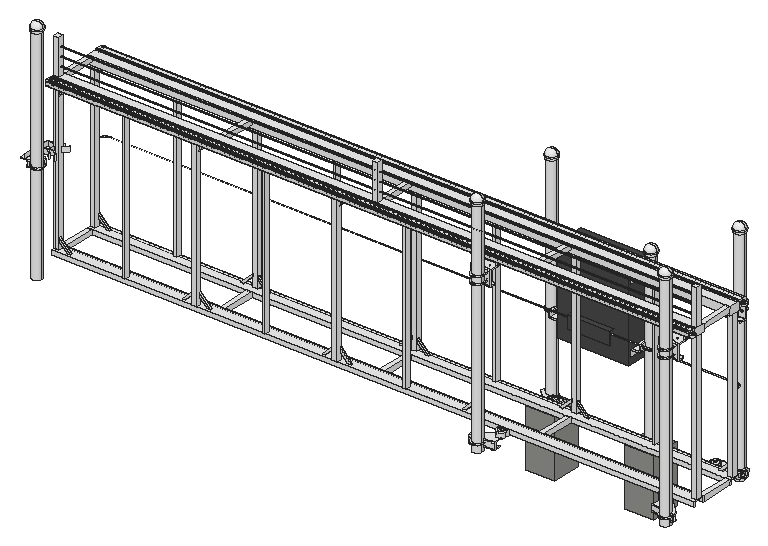
Revit family "Site-Fencing-Tymetal_Corp-Box_Frame_Cantilever_Slide_Gate-Chain_Link-TYM-VS2-1", category Site, Revit 2015 (continued)
Definition of nested family "Site-Fencing-Tymetal_Corp-Gate_Operator-TYM-VS2-1"
  Definition of nested family "Fence - Operator Support"
    Forms (in)
      Sweep 1, solid, material <- "Finish"
        path origin (0, 0, 0) x (1, 0, 0) y (0, 1, 0)
          loop
            line (0, -2.21875) -> (1.6093, -2.21875)
        profile origin (0.80465, 2.21875, 0) x (0, -1, 0) y (0, 0, 1)
          loop
            circle (0, 0) r 0.25
      Extrusion 2, solid, material <- "Finish"
        sketch origin (0, 0, 0) x (1, 0, 0) y (0, 0, 1)
          loop
            arc (1.6093, -1.125) -> (1.71913, -1.39017) -> (1.9843, -1.5) r 0.375
            line (1.9843, -1.5) -> (2.8593, -1.5) -> (2.8593, -1.75) -> (5.6093, -1.75) -> (5.6093, -4.5) -> (5.8593, -4.5) -> (5.8593, -1.5) -> (4.9843, -1.5) -> (4.9843, -1.125) -> (1.9843, -1.125) -> (1.9843, 1.125) -> (2.9843, 1.125) -> (2.9843, 1.5) -> (1.9843, 1.5)
            arc (1.9843, 1.5) -> (1.71913, 1.39017) -> (1.6093, 1.125) r 0.375
            line (1.6093, 1.125) -> (1.6093, -1.125)
        from -3.5 to 3.5
      Extrusion 3, void
        sketch origin (0, 0, 0) x (1, 0, 0) y (0, 1, 0)
          loop
            line (1.22925, 1.00602) -> (1.22925, -1.00602) -> (1.9843, -1.00602) -> (1.9843, 1.00602) -> (1.22925, 1.00602)
        from -6.31513 to 6.31513
    Cuts and joins
      Extrusion 3 cuts Extrusion 2
    Lines and regions (in)
      Masking region 1
        outline origin (0, 0, 0) x (1, 0, 0) y (0, 1, 0)
          loop
            line (5.8593, 3.5) -> (1.6093, 3.5) -> (1.6093, 2.46875) -> (0, 2.46875)
            arc (0, 2.46875) -> (-2.46875, 0) -> (0, -2.46875) r 2.46875
            line (0, -2.46875) -> (1.6093, -2.46875) -> (1.6093, -3.5) -> (5.8593, -3.5) -> (5.8593, 3.5)
          loop
            line (1.6093, -1.96875) -> (1.6093, -1.00602) -> (1.9843, -1.00602) -> (1.9843, 1.00602) -> (1.6093, 1.00602) -> (1.6093, 1.96875) -> (0, 1.96875)
            arc (0, 1.96875) -> (-1.96875, 0) -> (0, -1.96875) r 1.96875
            line (0, -1.96875) -> (1.6093, -1.96875)
    Dimensions and locks (in)
      equal spacing: Sweep 1 sketch curve, plane 1 "Center (Front/Back)", Sweep 1 sketch curve
      locked: Sweep 1 sketch curve to plane 3 "Center (Left/Right)" at 2.21875
      plane 3 "Center (Left/Right)" to Sweep 1 sketch curve to Sweep 1 sketch curve = 0' - 1.6093" locked, 0' - 0" locked
      Sweep 1 sketch curve to profile plane to Sweep 1 sketch curve = 0' - 0 1/4" locked, 0' - 0 1/4" locked
      locked: profile plane to Sweep 1 sketch curve at 0.25
      Extrusion 2 sketch curve to Extrusion 2 sketch curve to Extrusion 2 sketch curve to level to Extrusion 2 sketch curve to Extrusion 2 sketch curve to Extrusion 2 sketch curve to Extrusion 2 sketch curve to Extrusion 2 sketch curve to Extrusion 2 sketch curve = 0' - 0 3/8" locked, 0' - 0" locked, 0' - 1 1/8" locked, 0' - 1 1/8" locked, 0' - 0" locked, 0' - 0 3/8" locked, 0' - 0" locked, 0' - 0 1/4" locked, 0' - 2 3/4" locked
      Extrusion 2 sketch curve to Extrusion 2 sketch curve to Extrusion 2 sketch curve to Extrusion 2 sketch curve to Extrusion 2 sketch curve to Extrusion 2 sketch curve to Extrusion 2 sketch curve to Extrusion 2 sketch curve to Extrusion 2 sketch curve to plane 3 "Center (Left/Right)" = 0' - 0 1/4" locked, 0' - 0 5/8" locked, 0' - 2" locked, 0' - 0 1/8" locked, 0' - 0 7/8" locked, 0' - 0" locked, 0' - 0" locked, 0' - 0 3/8" locked, 0' - 1.6093" locked
      equal spacing: plane 4, plane 1 "Center (Front/Back)", plane 5
      locked: plane 4 to plane 5 at 7
      equal spacing: Extrusion 3 sketch curve, plane 1 "Center (Front/Back)", Extrusion 3 sketch curve, locked at 1.00602 each
      plane 3 "Center (Left/Right)" to Extrusion 3 sketch curve to Extrusion 3 sketch curve = 0' - 1.22925" locked, 0' - 0.75505" locked
      equal spacing: Extrusion 3, level, Extrusion 3, locked at 6.31513 each
      aligned and locked: plane 2 to level
      aligned and locked: plane 4 to Extrusion 2
      aligned and locked: Extrusion 2 to plane 5
      aligned and locked: Masking region 1 sketch curve to cut or joined group of Extrusion 2, Extrusion 3  (x3)
    Automatic sketch dimensions
      Sweep 1 sketch curve to plane 3 "Center (Left/Right)" = 0' - 0"
      plane 1 "Center (Front/Back)" to Extrusion 3 sketch curve = 0' - 1.00602"
      Masking region 1 sketch curve to Masking region 1 sketch curve = 0' - 0"  (x4)
      Masking region 1 sketch curve to plane 3 "Center (Left/Right)" = 0' - 0"
      plane 1 "Center (Front/Back)" to Masking region 1 sketch curve = 0' - 0"
      Masking region 1 sketch curve to Masking region 1 sketch curve = 0' - 1.6093"  (x2)
      Masking region 1 sketch curve to Masking region 1 sketch curve = 0' - 0 3/8"
      Masking region 1 sketch curve to Masking region 1 sketch curve = 0' - 1 1/32"
      plane 1 "Center (Front/Back)" to Masking region 1 sketch curve = 0' - 1.00602"
      Masking region 1 sketch curve to plane 1 "Center (Front/Back)" = 0' - 1.00602"
      Masking region 1 sketch curve to Masking region 1 sketch curve = 0' - 0 1/2"
Definition of nested family "Fence - Chain Link Panel"
  Parameters
    Frame Width = 0' - 2"
    Barb Height = 1' - 3"
    Nominal Gate Height = 7' - 3"
    Cross Brace Width = 0' - 0 1/2"  # constant formula
    Panel Length = 4' - 3.6"
    Height Above Grade = 0' - 5"
    Cross Brace Finish = none
  Reference planes (in)
    plane 1: z = 0
    plane 2 "Center (Left/Right)": x = -11.2
    plane 3: x = -36
    plane 4: x = 13.6
    plane 5: y = -0.5
    plane 6: y = 0
    plane 7: z = 70
    plane 8: z = 7
    plane 9: x = -31
    plane 10: x = 8.6
    plane 11: z = 65
    plane 12: z = 12
    plane 13: z = 87
    plane 14: z = 72
    plane 15: z = 5
    plane 16: z = 38.5
    plane 17: x = 15.6
    plane 18: x = 14.6
    plane 19: x = -37
    plane 20: y = -1
    plane 21: x = -38
    plane 22: y = 0
  Forms (in)
    Extrusion 1, solid, material <- "Cross Brace Finish", detail levels medium+fine
      sketch origin (0, -0.25, 0) x (1, 0, 0) y (0, 0, 1)
        loop
          line (-31, 70) -> (-32.41421, 70) -> (-36, 66.41421) -> (-36, 65) -> (-31, 70)
        loop
          line (8.6, 70) -> (13.6, 65) -> (13.6, 66.41421) -> (10.01421, 70) -> (8.6, 70)
        loop
          line (-31, 7) -> (-36, 12) -> (-36, 10.58579) -> (-32.41421, 7) -> (-31, 7)
        loop
          line (8.6, 7) -> (10.01421, 7) -> (13.6, 10.58579) -> (13.6, 12) -> (8.6, 7)
      from -0.25 to 0.25
  Lines and regions (in)
    model lines
      curve 1: line (-33.5, 0, 67.5) -> (11.1, 0, 9.5)
      curve 2: line (-33.5, 0, 9.5) -> (11.1, 0, 67.5)
  Dimensions and locks (in)
    plane 6 to plane 5 = 0' - 0 1/2"
    "Cross Brace Width": plane 5 to plane 6
    locked: Extrusion 1 sketch curve to Extrusion 1 sketch curve at 1  (x4)
    equal spacing: plane 11, plane 16, plane 12
    equal spacing: plane 4, plane 2 "Center (Left/Right)", plane 3
    "Nominal Gate Height": plane 13 to level
    "Height Above Grade": plane 15 to level
    "Frame Width": plane 8 to plane 15
    locked: plane 12 to plane 8 at 5
    locked: plane 7 to plane 11 at 5
    "Frame Width": plane 14 to plane 7
    "Barb Height": plane 13 to plane 14
    locked: plane 4 to plane 10 at 5
    locked: plane 9 to plane 3 at 5
    equal spacing: plane 3, plane 19, plane 21
    locked: plane 21 to plane 3 at 2
    locked: plane 17 to plane 4 at 2
    equal spacing: plane 17, plane 18, plane 4
    "Panel Length": plane 18 to plane 19
    Extrusion 1 to Extrusion 1 = 0' - 0 1/2"
    aligned and locked: Extrusion 1 sketch curve to plane 7
    aligned and locked: Extrusion 1 sketch curve to plane 3
    aligned and locked: plane 11 to Extrusion 1 sketch curve  (x2)
    aligned and locked: plane 9 to Extrusion 1 sketch curve  (x2)
    aligned and locked: Extrusion 1 sketch curve to plane 8
    aligned and locked: plane 3 to Extrusion 1 sketch curve
    aligned and locked: plane 12 to Extrusion 1 sketch curve  (x2)
    aligned and locked: plane 8 to Extrusion 1 sketch curve
    aligned and locked: plane 4 to Extrusion 1 sketch curve  (x2)
    aligned and locked: plane 10 to Extrusion 1 sketch curve  (x2)
    aligned and locked: Extrusion 1 sketch curve to plane 4
    aligned and locked: plane 7 to Extrusion 1 sketch curve
    aligned and locked: plane 6 to Extrusion 1
    aligned and locked: Extrusion 1 to plane 5
    aligned and locked: plane 4 to Extrusion 1  (x2)
    aligned and locked: nested 1 to plane 22
    aligned and locked: plane 2 "Center (Left/Right)" to nested 1
  Automatic sketch dimensions
    plane 3 to curve 2 = 0' - 2 1/2"
    plane 8 to curve 1 = 0' - 2 1/2"
    plane 3 to curve 1 = 0' - 2 1/2"
    curve 2 to plane 4 = 0' - 2 1/2"
    curve 1 to plane 4 = 0' - 2 1/2"
    plane 8 to curve 2 = 0' - 2 1/2"
    curve 2 to plane 7 = 0' - 2 1/2"
    curve 1 to plane 7 = 0' - 2 1/2"
  Nested families (in)
    nested 1: "Fence - 1x2" at (-11.2, -1, 0), type "Fence - 1x2"
      with Nominal Gate Height 7' - 3", Barb Height 1' - 3"
  Definition of nested family "Fence - 1x2"
    Parameters
      Picket Material = none
      Height Above Grade = 0' - 5"
      Nominal Gate Height = 6' - 0"
      Frame Height = 0' - 2"
      Barb Height = 0' - 6"
    Reference planes (in)
      plane 1 "Center (Front/Back)": y = 0
      plane 2: z = 0
      plane 3 "Center (Left/Right)": x = 0
      plane 4: x = -0.5
      plane 5: x = 0.5
      plane 6: y = 0.5
      plane 7: y = -0.5
      plane 8: z = 72
      plane 9: z = 5
      plane 10: z = 66
      plane 11: y = 1
      plane 12: y = -1
      plane 13: z = 7
      plane 14: z = 46
      plane 15: z = 64
    Forms (in)
      Extrusion 1, solid, material <- "Picket Material"
        sketch origin (0, 0, 0) x (1, 0, 0) y (0, 1, 0)
          loop
            line (-0.5, 1) -> (-0.5, -1) -> (0.5, -1) -> (0.5, 1) -> (-0.5, 1)
        from 7 to 64
    Lines and regions (in)
      Masking region 1
        outline origin (0, 0, 0) x (1, 0, 0) y (0, 1, 0)
          loop
            line (-0.5, 1) -> (-0.5, -1) -> (0.5, -1) -> (0.5, 1) -> (-0.5, 1)
    Dimensions and locks (in)
      equal spacing: plane 4, plane 3 "Center (Left/Right)", plane 5
      locked: plane 4 to plane 5 at 1
      "Nominal Gate Height": plane 8 to level
      "Height Above Grade": plane 9 to level
      "Barb Height": plane 8 to plane 10
      equal spacing: plane 11, plane 1 "Center (Front/Back)", plane 12
      locked: plane 11 to plane 12 at 2
      "Frame Height": plane 13 to plane 9
      "Frame Height": plane 10 to plane 15
      aligned and locked: Extrusion 1 sketch curve to plane 11
      aligned and locked: plane 4 to Extrusion 1 sketch curve
      aligned and locked: plane 12 to Extrusion 1 sketch curve
      aligned and locked: Extrusion 1 sketch curve to plane 5
      aligned and locked: Extrusion 1 to plane 13
      aligned and locked: plane 15 to Extrusion 1
      aligned and locked: Masking region 1 sketch curve to Extrusion 1  (x4)
Definition of nested family "Fence - Box Frame-Supports"
  Parameters
    Primary Member Width = 2' - 0"
    Frame Material = none
    Frame Height Above Grade = 0' - 5"
    Frame Height = 6' - 0"
    Barb Height = 1' - 3"
  Reference planes (in)
    plane 1 "Center (Front/Back)": y = 0
    plane 2: z = 0
    plane 3 "Center (Left/Right)": x = 86
    plane 4: x = 85
    plane 5: x = 87
    plane 6: z = 72
    plane 7: z = 5
    plane 8: y = 12
    plane 9: y = -12
    plane 10: z = 35.25
    plane 11: y = 7
    plane 12: y = -7
  Forms (in)
    Extrusion 1, solid, material <- "Frame Material", detail levels medium+fine
      sketch origin (86, 0, 0) x (0, 1, 0) y (0, 0, 1)
        loop
          line (7, 72) -> (-7, 72) -> (-7, 70) -> (7, 70) -> (7, 72)
        loop
          line (7, 5) -> (7, 7) -> (-7, 7) -> (-7, 5) -> (7, 5)
      from -1 to 1
  Lines and regions (in)
    Masking region 1
      outline origin (0, 0, 0) x (1, 0, 0) y (0, 1, 0)
        loop
          line (85, 7) -> (85, -7) -> (87, -7) -> (87, 7) -> (85, 7)
  Dimensions and locks (in)
    equal spacing: plane 4, plane 3 "Center (Left/Right)", plane 5
    locked: plane 4 to plane 5 at 2
    "Frame Height Above Grade": plane 7 to level
    equal spacing: plane 9, plane 1 "Center (Front/Back)", plane 8
    "Primary Member Width": plane 9 to plane 8
    plane 10 to plane 7 = 2' - 6 1/4"
    "Frame Height": plane 6 to level
    locked: plane 6 to Extrusion 1 sketch curve at 2
    locked: plane 9 to plane 12 at 5
    locked: plane 11 to plane 8 at 5
    aligned and locked: plane 5 to Extrusion 1
    aligned and locked: Extrusion 1 to Masking region 1 sketch curve
    aligned and locked: Masking region 1 sketch curve to plane 4
    aligned and locked: Extrusion 1 to plane 4
    aligned and locked: Masking region 1 to Extrusion 1
    aligned and locked: Extrusion 1 to plane 11  (x2)
    aligned and locked: Masking region 1 to plane 11
    aligned and locked: plane 12 to Extrusion 1  (x2)
    aligned and locked: plane 12 to Masking region 1
    aligned and locked: Extrusion 1 to plane 12  (x3)
  Automatic sketch dimensions
    Extrusion 1 sketch curve to plane 6 = 0' - 0"
    Extrusion 1 sketch curve to plane 7 = 0' - 0"
    plane 7 to Extrusion 1 sketch curve = 0' - 2"
    plane 8 to Extrusion 1 sketch curve = 0' - 5"  (x2)
    plane 8 to Masking region 1 sketch curve = 0' - 5"
    Extrusion 1 sketch curve to plane 9 = 0' - 5"  (x2)
    Masking region 1 sketch curve to plane 9 = 0' - 5"
Definition of nested family "Fence-Chain_Link"
  Parameters
    Length = 9' - 1"
    Extension Length = 2' - 0"
  Reference planes (in)
    plane 1 "Center (Front/Back)": y = 0
    plane 2: z = 0
    plane 3 "Center (Left/Right)": x = 0
    plane 4: x = -66.5
    plane 5: x = 66.5
    plane 6: x = 42.5
    plane 7: y = 1
    plane 8: y = -1
  Lines and regions (in)
    Masking region 1
      outline origin (0, 0, 0) x (1, 0, 0) y (0, 1, 0)
        loop
          line (-66.5, 1) -> (-66.5, -1) -> (66.5, -1) -> (66.5, 1) -> (-66.5, 1)
    symbolic lines
      curve 1: line (66.5, 7.25, 0) -> (66.5, 1, 0)
      curve 2: line (65.07185, 0, 0) -> (66.5, 1, 0)
      curve 3: line (67.92815, 0, 0) -> (66.5, -1, 0)
      curve 4: line (65.07185, 0, 0) -> (67.92815, 0, 0)
      curve 5: line (66.5, -1, 0) -> (66.5, -7.25, 0)
  Dimensions and locks (in)
    equal spacing: plane 4, plane 3 "Center (Left/Right)", plane 5
    "Length": plane 4 to plane 6
    locked: Masking region 1 sketch curve to Masking region 1 sketch curve at 2
    equal spacing: Masking region 1 sketch curve, plane 1 "Center (Front/Back)", Masking region 1 sketch curve
    "Extension Length": plane 6 to plane 5
    aligned and locked: plane 4 to Masking region 1 sketch curve
    aligned and locked: Masking region 1 sketch curve to plane 5
    aligned and locked: plane 7 to Masking region 1
    aligned and locked: plane 8 to Masking region 1
  Automatic sketch dimensions
    curve 2 to plane 5 = 0' - 0"
    curve 5 to plane 5 = 0' - 0"
    curve 4 to plane 5 = 0' - 1.42815"
    plane 5 to curve 3 = 0' - 1.42815"
    plane 1 "Center (Front/Back)" to curve 3 = 0' - 1"
    curve 1 to plane 1 "Center (Front/Back)" = 0' - 1"
    curve 5 to curve 5 = 0' - 6 1/4"
    curve 2 to curve 1 = 0' - 6 1/4"
    plane 1 "Center (Front/Back)" to curve 4 = 0' - 0"
Types (2): name | Voltage | Power Factor | Number of Poles | Bottom Guide Cover
  Single Phase | 230 V | 1 | 1 | no
  Three Phase | 460 V | 0.8 | 3 | yes
